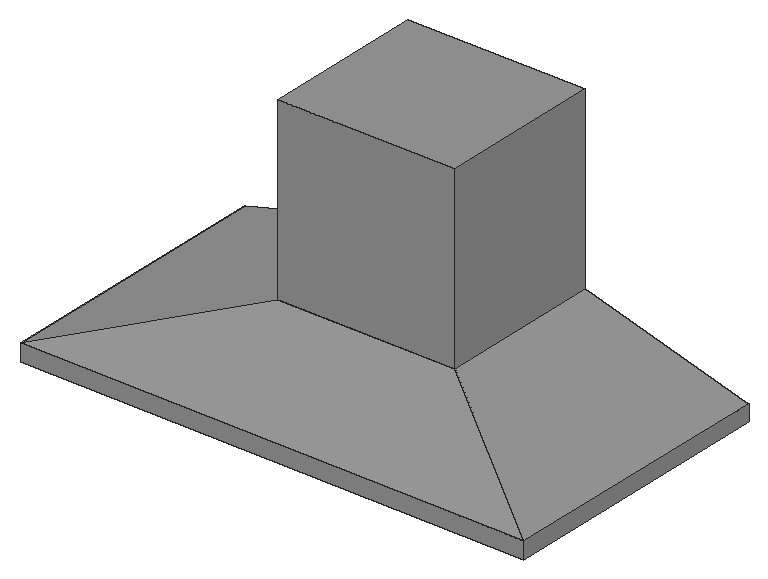
Revit family "Parex_SpecialityEquipment_Giulia_Rangehood", category Specialty Equipment, Revit 2023
Family settings
  Round Connector Dimension = Use Diameter
  Part Type = Normal
  Work Plane-Based = No
  Enable Cutting in Views = Yes
  Always vertical = Yes
  Cut with Voids When Loaded = No
  Maintain Annotation Orientation = No
  Shared = No
  Room Calculation Point = No
Parameters
  Width = 900 mm
  WarrantyDescription = "5-Year in-home warranty on hood, 10-Year in-home warranty on motor"
  URL = "https://amorehomes.co.nz/"
  Type IFC Predefined Type = "NOTDEFINED"
  Specifications = "Quiet operation with external motor\r\nExpel smoke, grease, smells & steam outside\r\nEasy control with soft touch eye level controls\r\nGreat control with 5-speed levels\r\n15-Minute delay timer with auto shut-off\r\nTwin LED lights gives you great stove top lighting\r\nSturdy hood made of 1mm 430 stainless steel\r\nStainless steel dishwasher safe filters\r\nRemote control for optimum convenience\r\nDimensions: 900mm wide x 500mm deep\r\nIncludes 5m ducting"
  MountType = "Wall-Mount"
  Model = "Giulia 900mm Wall-Mount Rangehood"
  Material = Parex_Metal_430 Stainless Steel
  Manufacturer = "Amore Homes"
  HoodThickness = 30 mm
  HeightOffset = 110.5 mm
  Height = 1000 mm
  FilterMaterial = Parex_Metal_Filter
  Export Type to IFC As = "IfcElectricApplianceType"
  Description = "The Giulia 900mm wall-mounted rangehood is suitable for up to a 900mm cooktop. With angled sleek lines it will fit into you kitchen seemlessly and can be paired with  a  motor to suit your cooking requirements."
  Depth = 500 mm
  Default Elevation = Height  # 1000 mm
  ChimneyWidth = 315 mm
  ChimneyHeightInput [instance] = 0 mm
  ChimneyHeight [instance] = if(ChimneyHeightInput < 400 mm, 400 mm, if(ChimneyHeightInput > 750 mm, 750 mm, ChimneyHeightInput))  # 400 mm
  ChimneyDepth = 290 mm
  Calc_RearFrameWidth = 90 mm
  Calc_FrameOffset = 10.326 mm
Reference planes
  plane 1 "Center (Front/Back)": y = 0
  plane 2: z = 0
  plane 3 "Center (Left/Right)": x = 0
  plane 4 "HoodBase": z = 862.038
  plane 5 "Left": x = -450
  plane 6 "Right": x = 450
  plane 7 "Front": y = -500
  plane 8 "ChimneyLeft": x = -157.5
  plane 9 "ChimneyRight": x = 157.5
  plane 10 "ChimneyFront": y = -290
  plane 11 "HoodTop": z = 892.038
  plane 12 "ChimneyTop": z = 1292.038
  plane 13: y = -90
  plane 14: x = -439.674
  plane 15: x = 439.674
  plane 16: y = -479.704
  plane 17: x = -146.558
  plane 18: x = 146.558
  plane 19: y = -45
  plane 20: x = -293.116
  plane 21: x = 293.116
  plane 22 "AngledHeight": z = 972.538
Forms (mm)
  Extrusion 1, solid, material "Parex_Metal_430 Stainless Steel" <- "Material"
    sketch origin (0, 0, 0) x (1, 0, 0) y (0, 1, 0)
      loop
        line (-450, -500) -> (450, -500) -> (450, 0) -> (-450, 0) -> (-450, -500)
    from 862.038 to 892.038
  Extrusion 2, solid, material "Parex_Metal_430 Stainless Steel" <- "Material"
    sketch origin (0, 0, 0) x (1, 0, 0) y (0, 1, 0)
      loop
        line (-157.5, 0) -> (-157.5, -290) -> (157.5, -290) -> (157.5, 0) -> (-157.5, 0)
    from 972.538 to 1292.038
  Blend 3, solid, material "Parex_Metal_430 Stainless Steel" <- "Material"
    base sketch origin (0, 0, 862.038) x (-1, 0, 0) y (0, -1, 0)
      loop
        line (450, 500) -> (-450, 500) -> (-450, 0) -> (450, 0) -> (450, 500)
    top sketch origin (0, 0, 862.038) x (-1, 0, 0) y (0, -1, 0)
      loop
        line (157.5, 0) -> (157.5, 290) -> (-157.5, 290) -> (-157.5, 0) -> (157.5, 0)
    from 30 to 110.5
Lines and regions (mm)
  model lines, detail levels medium+fine
    curve 1: line (-439.674, -90, 862.038) -> (439.674, -90, 862.038)
    curve 2: line (439.674, -479.704, 862.038) -> (-439.674, -479.704, 862.038)
    curve 3: line (-439.674, -479.704, 862.038) -> (-439.674, -90, 862.038)
    curve 4: line (439.674, -479.704, 862.038) -> (439.674, -90, 862.038)
    curve 5: line (-146.558, -479.704, 862.038) -> (-146.558, -90, 862.038)
    curve 6: line (146.558, -479.704, 862.038) -> (146.558, -90, 862.038)
Dimensions and locks
  equal spacing: plane 5 "Left", plane 3 "Center (Left/Right)", plane 6 "Right"
  "Width": plane 5 "Left" to plane 6 "Right"
  "Depth": plane 7 "Front" to plane 1 "Center (Front/Back)"
  equal spacing: plane 8 "ChimneyLeft", plane 3 "Center (Left/Right)", plane 9 "ChimneyRight"
  "ChimneyDepth": plane 10 "ChimneyFront" to plane 1 "Center (Front/Back)"
  "ChimneyWidth": plane 8 "ChimneyLeft" to plane 9 "ChimneyRight"
  "Calc_FrameOffset": plane 5 "Left" to plane 14
  "Calc_FrameOffset": plane 15 to plane 6 "Right"
  equal spacing: plane 14, plane 17, plane 18, plane 15
  "Calc_RearFrameWidth": plane 1 "Center (Front/Back)" to plane 13
  equal spacing: plane 14, plane 20, plane 17
  equal spacing: plane 18, plane 21, plane 15
  equal spacing: plane 1 "Center (Front/Back)", plane 19, plane 13
  "ChimneyHeight": plane 12 "ChimneyTop" to plane 11 "HoodTop"
  "HoodThickness": plane 11 "HoodTop" to plane 4 "HoodBase"
  "HeightOffset": plane 22 "AngledHeight" to plane 4 "HoodBase"
  aligned and locked: level to plane 2
  aligned and locked: Extrusion 1 sketch curve to plane 7 "Front"
  aligned and locked: Extrusion 1 sketch curve to plane 5 "Left"
  aligned and locked: Extrusion 1 sketch curve to plane 1 "Center (Front/Back)"
  aligned and locked: Extrusion 1 sketch curve to plane 6 "Right"
  aligned and locked: plane 11 "HoodTop" to Extrusion 1
  aligned and locked: Extrusion 1 to plane 4 "HoodBase"
  aligned and locked: Extrusion 2 sketch curve to plane 8 "ChimneyLeft"
  aligned and locked: Extrusion 2 sketch curve to plane 10 "ChimneyFront"
  aligned and locked: Extrusion 2 sketch curve to plane 9 "ChimneyRight"
  aligned and locked: Extrusion 2 sketch curve to plane 1 "Center (Front/Back)"
  aligned and locked: plane 12 "ChimneyTop" to Extrusion 2
  aligned and locked: curve 1 to plane 13
  aligned and locked: curve 2 to plane 16
  aligned and locked: curve 3 to plane 14
  aligned and locked: curve 4 to plane 15
  aligned and locked: curve 5 to plane 17
  aligned and locked: curve 6 to plane 18
  aligned and locked: plane 16 to curve 5
  aligned and locked: plane 13 to curve 5
  aligned and locked: nested 1 to plane 19
  aligned and locked: plane 20 to nested 1
  aligned and locked: plane 4 "HoodBase" to nested 2
  aligned and locked: plane 21 to nested 3
  aligned and locked: plane 19 to nested 3
  aligned and locked: nested 2 to plane 14
  aligned and locked: plane 17 to nested 2
  aligned and locked: plane 13 to nested 2
  aligned and locked: plane 16 to nested 2
  aligned and locked: Blend 3 sketch curve to plane 5 "Left"
  aligned and locked: Blend 3 sketch curve to plane 7 "Front"
  aligned and locked: Blend 3 sketch curve to plane 6 "Right"
  aligned and locked: Blend 3 sketch curve to plane 1 "Center (Front/Back)"  (x2)
  aligned and locked: Blend 3 sketch curve to plane 8 "ChimneyLeft"
  aligned and locked: Blend 3 sketch curve to plane 9 "ChimneyRight"
  aligned and locked: Blend 3 sketch curve to plane 10 "ChimneyFront"
  aligned and locked: plane 22 "AngledHeight" to Blend 3
  aligned and locked: Blend 3 to plane 11 "HoodTop"
  aligned and locked: Extrusion 2 to plane 22 "AngledHeight"
Nested families
  nested 1: "Parex_Generic_Spotlight" at (-293.116, -45, 862.038), type "Parex_Generic_Spotlight", detail levels medium+fine
  nested 2: "Parex_Generic_Filter" at (-293.116, -479.704, 859.481), type "Parex_Generic_Filter", detail levels medium+fine
    with Width 293.116 mm, Depth 389.704 mm
  nested 3: "Parex_Generic_Spotlight" at (293.116, -45, 862.038) x (-1, 0, 0) z (0, 0, 1), type "Parex_Generic_Spotlight", detail levels medium+fine
  nested 4: "Parex_Generic_Filter" at (0, -479.704, 859.481), type "Parex_Generic_Filter", detail levels medium+fine
    with Width 293.116 mm, Depth 389.704 mm
  nested 5: "Parex_Generic_Filter" at (293.116, -479.704, 859.481), type "Parex_Generic_Filter", detail levels medium+fine
    with Width 293.116 mm, Depth 389.704 mm
Connectors
  hvac at (0, -145, 1292.038), driven by "ChimneyDepth", driven by "ChimneyWidth"
    settings: on Extrusion 2, index 1, duct flow 0.0 L/s, flow factor 0, pres drop 0.0 Pa, loss coef 0, conn angle 0.00°, conn width 315 mm, conn height 290 mm, conn diameter 609.6 mm, duct sys type 3, conn prof type 1, flow config 0, flow direction 0, loss method 0, conn ref index -1, conn util no, is conn primary yes, conn desc ""
Definition of nested family "Parex_Generic_Spotlight"
  Parameters (values of type "Parex_Generic_Spotlight")
    SpotlightMaterial = none
    SpotlightFrameMaterial = none
    InnerDiameter = Diameter - 5 mm  # 45 mm
    Diameter = 50 mm
    Default Elevation = 0 mm
  Reference planes
    plane 1 "Center (Front/Back)": y = 0
    plane 2: z = 0
    plane 3 "Center (Left/Right)": x = 0
    plane 4: z = -2.125
  Forms (mm)
    Extrusion 1, solid, material <- "SpotlightFrameMaterial", detail levels fine
      sketch origin (0, 0, 0) x (1, 0, 0) y (0, 1, 0)
        loop
          circle (0, 0) r 25
        loop
          circle (0, 0) r 22.5
      from -2.125 to 0
    Extrusion 2, solid, material <- "SpotlightMaterial", detail levels fine
      sketch origin (0, 0, 0) x (1, 0, 0) y (0, 1, 0)
        loop
          circle (0, 0) r 22.5
      from -2.125 to 0
  Lines and regions (mm)
    reference lines
      curve 1: circle (0, 0, 0) r 25 normal (0, 0, 1)
      curve 2: circle (0, 0, 0) r 22.5 normal (0, 0, 1)
    model lines
      curve 3: circle (0, 0, 0) r 25 normal (0, 0, 1)
      curve 4: circle (0, 0, 0) r 22.5 normal (0, 0, 1)
  Dimensions and locks
    "Diameter": diameter of curve 1
    "InnerDiameter": diameter of curve 2
    aligned and locked: level to plane 2
    aligned and locked: curve 3 to curve 1
    aligned and locked: curve 4 to curve 2
    aligned and locked: Extrusion 1 sketch curve to curve 1
    aligned and locked: Extrusion 1 sketch curve to curve 2
    aligned and locked: Extrusion 2 sketch curve to curve 2
    aligned and locked: Extrusion 1 to plane 4
    aligned and locked: Extrusion 2 to plane 4
    aligned and locked: plane 2 to Extrusion 1
    aligned and locked: plane 2 to Extrusion 2
  Automatic sketch dimensions
    curve 1 to curve 2 = 0 mm  (x2)
    plane 1 "Center (Front/Back)" to curve 2 = 0 mm
    curve 2 to plane 3 "Center (Left/Right)" = 0 mm
Definition of nested family "Parex_Generic_Filter"
  Parameters (values of type "Parex_Generic_Filter")
    Width [instance] = 300 mm
    HandleWidth = 60 mm
    HandleDepth = 50 mm
    GrillMaterial = none
    FrameWidth = 5 mm
    FrameMaterial = none
    Depth [instance] = 600 mm
    Default Elevation = 0 mm
  Reference planes
    plane 1 "Center (Front/Back)": y = 0
    plane 2: z = 0
    plane 3 "Center (Left/Right)": x = 0
    plane 4: x = -150
    plane 5: x = 150
    plane 6: y = 600
    plane 7: x = -145
    plane 8: y = 5
    plane 9: x = 145
    plane 10: y = 595
    plane 11: x = -30
    plane 12: y = 55
    plane 13: x = 30
    plane 14: y = 43
    plane 15: x = 10
    plane 16: y = 18
    plane 17: x = -10
    plane 18: z = 2.557
  Forms (mm)
    Extrusion 1, solid, material <- "FrameMaterial", detail levels fine
      sketch origin (0, 0, 0) x (1, 0, 0) y (0, 1, 0)
        loop
          line (-150, 0) -> (150, 0) -> (150, 600) -> (-150, 600) -> (-150, 0)
        loop
          line (-145, 5) -> (-30, 5) -> (-30, 55) -> (30, 55) -> (30, 5) -> (145, 5) -> (145, 595) -> (-145, 595) -> (-145, 5)
      from 2.557 to 0
    Extrusion 2, solid, material <- "GrillMaterial", detail levels fine
      sketch origin (0, 0, 0) x (1, 0, 0) y (0, 1, 0)
        loop
          line (-145, 5) -> (-30, 5) -> (-30, 55) -> (30, 55) -> (30, 5) -> (145, 5) -> (145, 595) -> (-145, 595) -> (-145, 5)
      from 2.557 to 0
  Lines and regions (mm)
    model lines
      curve 1: line (150, 0, 0) -> (-150, 0, 0)
      curve 2: line (-150, 0, 0) -> (-150, 600, 0)
      curve 3: line (150, 0, 0) -> (150, 600, 0)
      curve 4: line (-150, 600, 0) -> (150, 600, 0)
      curve 5: line (145, 595, 0) -> (-145, 595, 0)
      curve 6: line (145, 5, 0) -> (145, 595, 0)
      curve 7: line (-145, 5, 0) -> (-145, 595, 0)
      curve 8: line (-145, 5, 0) -> (145, 5, 0)
      curve 9: line (-30, 5, 0) -> (-30, 55, 0)
      curve 10: line (30, 55, 0) -> (30, 5, 0)
      curve 11: line (-30, 55, 0) -> (30, 55, 0)
      curve 12: line (-10, 18, 0) -> (-10, 43, 0)
      curve 13: line (10, 43, 0) -> (10, 18, 0)
      curve 14: line (-10, 43, 0) -> (10, 43, 0)
      curve 15: line (10, 18, 0) -> (-10, 18, 0)
  Dimensions and locks
    equal spacing: plane 4, plane 3 "Center (Left/Right)", plane 5
    "Width": plane 4 to plane 5
    "Depth": plane 1 "Center (Front/Back)" to plane 6
    "FrameWidth": plane 1 "Center (Front/Back)" to plane 8
    "FrameWidth": plane 10 to plane 6
    "FrameWidth": plane 4 to plane 7
    "FrameWidth": plane 9 to plane 5
    equal spacing: plane 11, plane 3 "Center (Left/Right)", plane 13
    "HandleWidth": plane 11 to plane 13
    "HandleDepth": plane 12 to plane 8
    locked: plane 16 to plane 14 at 25
    equal spacing: plane 17, plane 3 "Center (Left/Right)", plane 15
    plane 17 to plane 15 = 20 mm
    locked: plane 12 to plane 14 at 12
    aligned and locked: level to plane 2
    aligned and locked: curve 1 to plane 1 "Center (Front/Back)"
    aligned and locked: curve 2 to plane 4
    aligned and locked: curve 3 to plane 5
    aligned and locked: curve 4 to plane 6
    aligned and locked: curve 5 to plane 10
    aligned and locked: curve 6 to plane 9
    aligned and locked: curve 7 to plane 7
    aligned and locked: curve 8 to plane 8
    aligned and locked: curve 9 to plane 11
    aligned and locked: curve 10 to plane 13
    aligned and locked: curve 11 to plane 12
    aligned and locked: curve 12 to plane 17
    aligned and locked: plane 15 to curve 13
    aligned and locked: curve 14 to plane 14
    aligned and locked: curve 15 to plane 16
    aligned and locked: plane 8 to curve 9
    aligned and locked: Extrusion 1 sketch curve to plane 4
    aligned and locked: Extrusion 1 sketch curve to plane 7
    aligned and locked: Extrusion 1 sketch curve to plane 9
    aligned and locked: Extrusion 1 sketch curve to plane 5
    aligned and locked: Extrusion 1 sketch curve to plane 1 "Center (Front/Back)"
    aligned and locked: Extrusion 1 sketch curve to plane 8
    aligned and locked: Extrusion 1 sketch curve to plane 13
    aligned and locked: Extrusion 1 sketch curve to plane 11
    aligned and locked: Extrusion 1 sketch curve to plane 12
    aligned and locked: Extrusion 1 sketch curve to plane 6
    aligned and locked: Extrusion 1 sketch curve to plane 10
    aligned and locked: Extrusion 2 sketch curve to plane 7
    aligned and locked: Extrusion 2 sketch curve to plane 8
    aligned and locked: Extrusion 2 sketch curve to plane 11
    aligned and locked: Extrusion 2 sketch curve to plane 13
    aligned and locked: Extrusion 2 sketch curve to plane 12
    aligned and locked: Extrusion 2 sketch curve to plane 9
    aligned and locked: Extrusion 2 sketch curve to plane 10
    aligned and locked: Extrusion 1 to plane 18
    aligned and locked: Extrusion 2 to plane 18
    aligned and locked: plane 2 to Extrusion 1
    aligned and locked: plane 2 to Extrusion 2
  Automatic sketch dimensions
    Extrusion 1 sketch curve to plane 8 = 0 mm
    Extrusion 2 sketch curve to plane 8 = 0 mm
